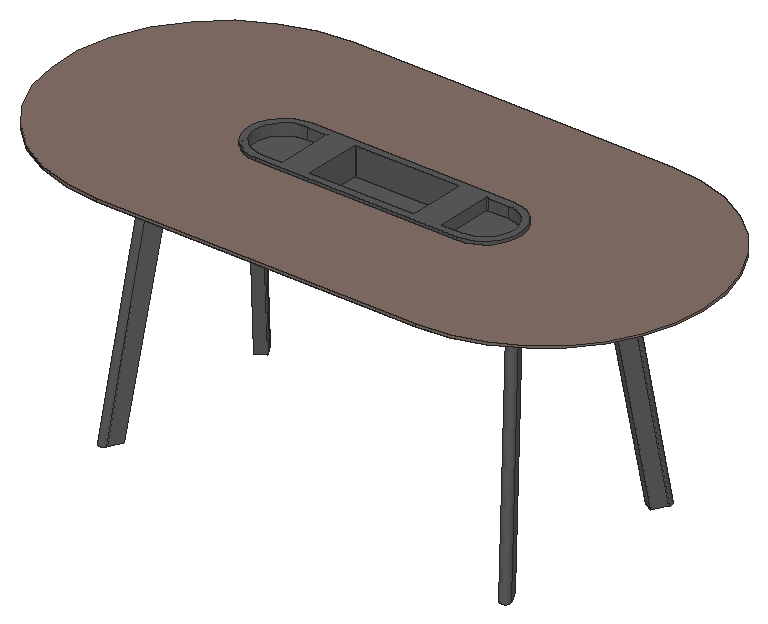
Revit family "Haworth_Immerse_SingleTable_Racetrack", category Furniture Systems, Revit 2018
Family settings
  Round Connector Dimension = Use Diameter
  Part Type = Normal
  OmniClass Number = 23.40.70.14.64.21
  OmniClass Title = Systems Furniture
  Work Plane-Based = No
  Always vertical = Yes
  Cut with Voids When Loaded = No
  Shared = No
  Room Calculation Point = No
Parameters (values of type "48d 96w 39h - Oblong Planter")
  Warranty = "http://www.haworth.com/resources/product-info/warranties"
  Upper Top Thickness = 1 3/16"  # constant formula
  Understucture Thickness = 3 1/2"  # constant formula
  Understructure Overall Width = 57"
  Understructure Finish [instance] = Haworth _ Paint _ Black
  URL - Product = "http://www.haworth.com/products/tables/collaborative/immerse"
  Top Finish [instance] = Haworth _ Wood _ Walnut
  Standard Widths = "96 in."  # constant formula
  Standard Heights = "29, 36, 39 in."  # constant formula
  Standard Depths = "48 in."  # constant formula
  Size = "Verify Final Dim. w/ Haworth"  # constant formula
  Planter Finish [instance] = Haworth _ Paint _ Black
  Oblong Planter Void Height = if(Oblong Planter, 30", 1")  # 30"
  Oblong Planter = yes
  Model = "THRT-4896"  # constant formula
  URL = "https://www.haworth.com/na/en.html"
  Revision Number = "1"  # constant formula
  Manufacturer = "Haworth"  # constant formula
  Lower Top Width = Actual Width - 2"  # 94"
  Lower Top Thickness = 1/8"  # constant formula
  Lower Top Cutout Width = Understructure Overall Width - 3"  # 54"
  Lower Top Cutout Depth = 12 1/2"  # constant formula
  Leg Finish [instance] = Haworth _ Wood _ Ink On Ash
  Description = "Haworth Immerse Single Table Racetrack - 48d 96w 39h - Oblong Planter"
  Author = "Haworth (Bentzen)"  # constant formula
  Assembly Code = "E2020200"
  Actual Width = 96"  # constant formula
  Actual Height = 39"
  Actual Depth = 48"  # constant formula
Types (6): name | Oblong Planter Void Height | Oblong Planter | Description | Actual Height
  48d 96w 39h - Oblong Planter | 30" | yes | "Haworth Immerse Single Table Racetrack - 48d 96w 39h - Oblong Planter" | 39"
  48d 96w 36h - Oblong Planter | 30" | yes | "Haworth Immerse Single Table Racetrack - 48d 96w 36h - Oblong Planter" | 36"
  48d 96w 29h - Oblong Planter | 30" | yes | "Haworth Immerse Single Table Racetrack - 48d 96w 29h - Oblong Planter" | 29"
  48d 96w 29h - No Planter | 1" | no | "Haworth Immerse Single Table Racetrack - 48d 96w 29h - No Planter" | 29"
  48d 96w 36h - No Planter | 1" | no | "Haworth Immerse Single Table Racetrack - 48d 96w 36h - No Planter" | 36"
  48d 96w 39h - No Planter | 1" | no | "Haworth Immerse Single Table Racetrack - 48d 96w 39h - No Planter" | 39"
Reference planes (in)
  plane 1 "Floor": z = 0
  plane 2: y = 30.09134
  plane 3: y = 14.25134
  plane 4: z = 12.69672
  plane 5: z = 42.69672
  plane 6: z = 39
  plane 7: z = 38.66709
  plane 8: z = 37.82
  plane 9: z = 35.07
  plane 10: x = -86.01928
  plane 11: x = 9.98072
  plane 12: x = -38.01928
  plane 13: x = -84.01928
  plane 14: x = 7.98072
  plane 15: y = 22.17134
  plane 16: y = 46.17134
  plane 17: y = -1.82866
  plane 18: y = 44.17134
  plane 19: y = 0.17134
  plane 20: x = -63.19126
  plane 21: x = -12.69118
  plane 22: x = -64.73122
  plane 23: x = -11.15122
  plane 24: y = 26.98134
  plane 25: y = 17.36134
  plane 26: y = 28.55138
  plane 27: y = 15.7913
  plane 28: through (-64.6981, 29.177, 48) normal (-0.5, 0.866, 0)
  plane 29: through (-64.6356, 15.27394, 48) normal (0.5, 0.866, 0)
  plane 30: through (-62.90355, 30.06874, 48) normal (-0.866, -0.5, 0)
  plane 31: through (-64.6356, 29.06874, 48) normal (-0.866, -0.5, 0)
  plane 32: through (-62.90355, 14.27394, 48) normal (0.866, -0.5, 0)
  plane 33: through (-64.6356, 15.27394, 48) normal (0.866, -0.5, 0)
  plane 34: through (-13.13501, 30.06874, 48) normal (-0.866, 0.5, 0)
  plane 35: through (-11.40296, 29.06874, 48) normal (-0.866, 0.5, 0)
  plane 36: through (-13.13501, 14.27394, 48) normal (0.866, 0.5, 0)
  plane 37: through (-11.40296, 15.27394, 48) normal (0.866, 0.5, 0)
  plane 38: through (-11.34046, 29.177, 48) normal (-0.5, -0.866, 0)
  plane 39: through (-11.40296, 15.27394, 48) normal (0.5, -0.866, 0)
Forms (in)
  Extrusion 1, solid, material "Haworth _ Paint _ Black" <- "Understructure Finish"
    sketch origin (-47.92254, 131.41995, 1.06449) x (0, 1, 0) y (0, 0, 1)
      loop
        line (-101.32861, 36.75551) -> (-102.86857, 36.75551) -> (-102.86857, 34.00551) -> (-101.32861, 34.00551) -> (-101.32861, 36.75551)
    from -15.26872 to 35.23135
  Extrusion 2, solid, material "Haworth _ Paint _ Black" <- "Understructure Finish"
    sketch origin (-47.92254, -93.73727, 1.06449) x (0, -1, 0) y (0, 0, -1)
      loop
        line (-107.98861, -36.75551) -> (-107.98861, -34.00551) -> (-109.52857, -34.00551) -> (-109.52857, -36.75551) -> (-107.98861, -36.75551)
    from -15.26872 to 35.23135
  Extrusion 3, void
    sketch origin (38.61594, 57.93122, 7) x (-1, 0, 0) y (0, -1, 0)
      loop
        arc (91.72789, 30.94987) -> (96.53789, 35.75987) -> (91.72789, 40.56987) r 4.81
        line (91.72789, 40.56987) -> (61.54789, 40.56987)
        arc (61.54789, 40.56987) -> (56.73789, 35.75987) -> (61.54789, 30.94987) r 4.81
        line (61.54789, 30.94987) -> (91.72789, 30.94987)
    from 5.69672 to 35.69672
  Extrusion 4, solid, material "Haworth _ Paint _ Black" <- "Understructure Finish"
    sketch origin (-37.14123, -120.2412, 11.98828) x (0, -1, 0) y (0, 0, -1)
      loop
        line (-134.49254, -25.83172) -> (-134.49254, -23.08172) -> (-150.33254, -23.08172) -> (-150.33254, -25.83172) -> (-134.49254, -25.83172)
    from 24.45004 to 25.99001
  Extrusion 5, solid, material "Haworth _ Paint _ Black" <- "Understructure Finish"
    sketch origin (-124.28941, -120.2412, 7.77448) x (0, -1, 0) y (0, 0, -1)
      loop
        line (-134.49254, -30.04552) -> (-134.49254, -27.29552) -> (-150.33254, -27.29552) -> (-150.33254, -30.04552) -> (-134.49254, -30.04552)
    from 59.55819 to 61.09815
  Extrusion 6, solid, material "Haworth _ Wood _ Walnut" <- "Top Finish"
    sketch origin (0, 0, 0) x (1, 0, 0) y (0, 1, 0)
      loop
        arc (-61.94123, 46.17134) -> (-85.94123, 22.17134) -> (-61.94123, -1.82866) r 24
        line (-61.94123, -1.82866) -> (-14.09733, -1.82866)
        arc (-14.09733, -1.82866) -> (9.90267, 22.17134) -> (-14.09733, 46.17134) r 24
        line (-14.09733, 46.17134) -> (-61.94123, 46.17134)
    from 38.66709 to 39
  Blend 7, solid, material "Haworth _ Wood _ Walnut" <- "Top Finish"
    base sketch origin (0, 0, 0) x (1, 0, 0) y (0, 1, 0)
      loop
        arc (-61.94123, 44.17134) -> (-83.94123, 22.17134) -> (-61.94123, 0.17134) r 22
        line (-61.94123, 0.17134) -> (-14.09733, 0.17134)
        arc (-14.09733, 0.17134) -> (7.90267, 22.17134) -> (-14.09733, 44.17134) r 22
        line (-14.09733, 44.17134) -> (-61.94123, 44.17134)
    top sketch origin (0, 0, 0) x (1, 0, 0) y (0, 1, 0)
      loop
        arc (-61.94123, 46.17134) -> (-85.94123, 22.17134) -> (-61.94123, -1.82866) r 24
        line (-61.94123, -1.82866) -> (-14.09733, -1.82866)
        arc (-14.09733, -1.82866) -> (9.90267, 22.17134) -> (-14.09733, 46.17134) r 24
        line (-14.09733, 46.17134) -> (-61.94123, 46.17134)
    from 37.82 to 38.66709
  Blend 8, solid, material "Haworth _ Wood _ Ink On Ash" <- "Leg Finish"
    base sketch origin (-325.18328, 186.38323, -10.01253) x (0.965926, -0.25882, 0) y (0.25882, 0.965926, 0)
      loop
        line (287.87751, -79.68079) -> (288.97352, -78.58477) -> (287.39125, -77.00249)
        arc (287.39125, -77.00249) -> (286.29523, -77.00249) -> (286.29523, -78.09851) r 0.775
        line (286.29523, -78.09851) -> (287.87751, -79.68079)
    top sketch origin (-325.18328, 186.38323, -10.01253) x (0.965926, -0.25882, 0) y (0.25882, 0.965926, 0)
      loop
        line (292.46248, -84.26576) -> (293.5585, -83.16975) -> (291.80475, -81.41599)
        arc (291.80475, -81.41599) -> (290.70873, -81.41599) -> (290.70873, -82.51201) r 0.775
        line (290.70873, -82.51201) -> (292.46248, -84.26576)
    from 10.01253 to 47.83253
  Blend 9, solid, material "Haworth _ Wood _ Ink On Ash" <- "Leg Finish"
    base sketch origin (-325.12078, -141.93229, -10.01253) x (0.965926, 0.25882, 0) y (-0.25882, 0.965926, 0)
      loop
        line (287.87751, 79.68079) -> (286.29523, 78.09851)
        arc (286.29523, 78.09851) -> (286.29523, 77.00249) -> (287.39125, 77.00249) r 0.775
        line (287.39125, 77.00249) -> (288.97352, 78.58477) -> (287.87751, 79.68079)
    top sketch origin (-325.12078, -141.93229, -10.01253) x (0.965926, 0.25882, 0) y (-0.25882, 0.965926, 0)
      loop
        line (292.46248, 84.26576) -> (290.70873, 82.51201)
        arc (290.70873, 82.51201) -> (290.70873, 81.41599) -> (291.80475, 81.41599) r 0.775
        line (291.80475, 81.41599) -> (293.5585, 83.16975) -> (292.46248, 84.26576)
    from 10.01253 to 47.83253
  Blend 10, solid, material "Haworth _ Wood _ Ink On Ash" <- "Leg Finish"
    base sketch origin (249.14472, 186.38323, -10.01253) x (-0.965926, -0.25882, 0) y (0.25882, -0.965926, 0)
      loop
        line (287.87751, 79.68079) -> (286.29523, 78.09851)
        arc (286.29523, 78.09851) -> (286.29523, 77.00249) -> (287.39125, 77.00249) r 0.775
        line (287.39125, 77.00249) -> (288.97352, 78.58477) -> (287.87751, 79.68079)
    top sketch origin (249.14472, 186.38323, -10.01253) x (-0.965926, -0.25882, 0) y (0.25882, -0.965926, 0)
      loop
        line (292.46248, 84.26576) -> (290.70873, 82.51201)
        arc (290.70873, 82.51201) -> (290.70873, 81.41599) -> (291.80475, 81.41599) r 0.775
        line (291.80475, 81.41599) -> (293.5585, 83.16975) -> (292.46248, 84.26576)
    from 10.01253 to 47.83253
  Blend 11, solid, material "Haworth _ Wood _ Ink On Ash" <- "Leg Finish"
    base sketch origin (249.08222, -141.93229, -10.01253) x (-0.965926, 0.25882, 0) y (-0.25882, -0.965926, 0)
      loop
        line (287.87751, -79.68079) -> (288.97352, -78.58477) -> (287.39125, -77.00249)
        arc (287.39125, -77.00249) -> (286.29523, -77.00249) -> (286.29523, -78.09851) r 0.775
        line (286.29523, -78.09851) -> (287.87751, -79.68079)
    top sketch origin (249.08222, -141.93229, -10.01253) x (-0.965926, 0.25882, 0) y (-0.25882, -0.965926, 0)
      loop
        line (292.46248, -84.26576) -> (293.5585, -83.16975) -> (291.80475, -81.41599)
        arc (291.80475, -81.41599) -> (290.70873, -81.41599) -> (290.70873, -82.51201) r 0.775
        line (290.70873, -82.51201) -> (292.46248, -84.26576)
    from 10.01253 to 47.83253
Cuts and joins
  Extrusion 3 cuts Extrusion 6
  Extrusion 3 cuts Blend 7
Lines and regions (in)
  Masking region 1
    outline origin (-2, 0, 0) x (1, 0, 0) y (0, 1, 0)
      loop
        arc (-59.94123, 46.17134) -> (-83.94123, 22.17134) -> (-59.94123, -1.82866) r 24
        line (-59.94123, -1.82866) -> (-12.09733, -1.82866)
        arc (-12.09733, -1.82866) -> (11.90267, 22.17134) -> (-12.09733, 46.17134) r 24
        line (-12.09733, 46.17134) -> (-59.94123, 46.17134)
  symbolic lines, style "Haworth Hidden", detail levels fine
    curve 1: line (-63.1666, 30.09134, 0) -> (-12.87196, 30.09134, 0)
    curve 2: line (-63.1666, 30.09134, 0) -> (-67.51445, 37.62206, 0)
    curve 3: line (-68.85679, 36.84706, 0) -> (-64.7318, 29.70235, 0)
    curve 4: line (-64.7318, 29.70235, 0) -> (-64.7318, 14.64033, 0)
    curve 5: arc (-68.85679, 36.84706, 0) -> (-68.57312, 37.90573, 0) -> (-67.51445, 37.62206, 0) r 0.775
    curve 6: line (-63.1666, 14.25134, 0) -> (-67.51445, 6.72062, 0)
    curve 7: line (-68.85679, 7.49562, 0) -> (-64.7318, 14.64033, 0)
    curve 8: arc (-68.85679, 7.49562, 0) -> (-68.57312, 6.43695, 0) -> (-67.51445, 6.72062, 0) r 0.775
    curve 9: line (-12.87196, 30.09134, 0) -> (-8.52411, 37.62206, 0)
    curve 10: line (-7.18177, 36.84706, 0) -> (-11.30676, 29.70235, 0)
    curve 11: arc (-7.18177, 36.84706, 0) -> (-7.46544, 37.90573, 0) -> (-8.52411, 37.62206, 0) r 0.775
    curve 12: line (-7.18177, 7.49562, 0) -> (-11.30676, 14.64033, 0)
    curve 13: arc (-7.18177, 7.49562, 0) -> (-7.46544, 6.43695, 0) -> (-8.52411, 6.72062, 0) r 0.775
    curve 14: line (-63.19126, 28.55138, 0) -> (-63.19126, 15.7913, 0)
    curve 15: line (-63.19126, 28.55138, 0) -> (-14.09733, 28.55138, 0)
    curve 16: line (-63.1666, 14.25134, 0) -> (-12.87196, 14.25134, 0)
    curve 17: line (-63.19126, 15.7913, 0) -> (-14.09733, 15.7913, 0)
    curve 18: line (-11.30676, 29.70235, 0) -> (-11.30676, 14.64033, 0)
    curve 19: line (-12.8473, 28.55138, 0) -> (-12.8473, 15.7913, 0)
    curve 20: line (-12.87196, 14.25134, 0) -> (-8.52411, 6.72062, 0)
Dimensions and locks (in)
  "Oblong Planter Void Height": plane 5 to plane 4
  equal spacing: plane 10, plane 12, plane 11
  "Actual Width": plane 10 to plane 11
  locked: plane 14 to plane 11 at 2
  locked: plane 10 to plane 13 at 2
  "Actual Depth": plane 16 to plane 17
  equal spacing: plane 16, plane 15, plane 17
  locked: plane 16 to plane 18 at 2
  locked: plane 19 to plane 17 at 2
  "Actual Height": plane 6 to plane 1 "Floor"
  plane 6 to plane 7 to plane 8 to plane 9 = 0.33291" locked, 0.84709" locked, 2 3/4" locked
  aligned and locked: Extrusion 2 to plane 9
  aligned and locked: plane 8 to Extrusion 1
  aligned and locked: Extrusion 1 to plane 9
  aligned and locked: plane 8 to Extrusion 2
  aligned and locked: Extrusion 3 to plane 5
  aligned and locked: Extrusion 3 to plane 4
  aligned and locked: Extrusion 4 to plane 9
  aligned and locked: plane 8 to Extrusion 4
  aligned and locked: nested 1 to plane 6
  aligned and locked: plane 8 to Extrusion 5
  aligned and locked: Extrusion 5 to plane 9
  aligned and locked: plane 12 to nested 1
  aligned and locked: plane 16 to Extrusion 6
  aligned and locked: plane 6 to Extrusion 6
  aligned and locked: Extrusion 6 to plane 7
  aligned and locked: plane 7 to Blend 7
  aligned and locked: Blend 7 to plane 8
  aligned and locked: plane 8 to Blend 8
  aligned and locked: Extrusion 1 to Extrusion 5
  aligned and locked: Extrusion 1 to Extrusion 2
  aligned and locked: plane 21 to Extrusion 1
  aligned and locked: plane 21 to Extrusion 2
  aligned and locked: Extrusion 4 to Extrusion 2
  aligned and locked: plane 22 to Extrusion 5
  aligned and locked: Extrusion 5 to plane 20
  aligned and locked: plane 23 to Extrusion 4
  aligned and locked: plane 2 to Extrusion 5
  aligned and locked: plane 3 to Extrusion 5
  aligned and locked: Extrusion 1 to plane 26
  aligned and locked: plane 2 to Extrusion 1
  aligned and locked: Extrusion 2 to plane 27
  aligned and locked: plane 3 to Extrusion 2
  aligned and locked: plane 2 to Extrusion 4
  aligned and locked: plane 3 to Extrusion 4
  aligned and locked: plane 24 to Extrusion 3
  aligned and locked: plane 25 to Extrusion 3
  aligned and locked: plane 15 to nested 1
  aligned and locked: plane 8 to nested 2
  aligned and locked: nested 2 to plane 30
  aligned and locked: nested 2 to plane 28
  aligned and locked: Blend 8 to plane 28
  aligned and locked: plane 29 to nested 3
  aligned and locked: Blend 9 to plane 29
  aligned and locked: nested 3 to plane 33
  aligned and locked: plane 34 to nested 4
  aligned and locked: plane 37 to nested 5
  aligned and locked: nested 5 to plane 39
  aligned and locked: Blend 11 to plane 39
  aligned and locked: Blend 10 to plane 38
  aligned and locked: nested 3 to plane 8
  aligned and locked: plane 8 to Blend 9
  aligned and locked: plane 8 to nested 5
  aligned and locked: nested 4 to plane 8
  aligned and locked: plane 8 to Blend 11
  aligned and locked: plane 8 to Blend 10
  aligned and locked: plane 16 to cut or joined group of Extrusion 3, Extrusion 6
  aligned and locked: cut or joined group of Extrusion 3, Extrusion 6 to plane 17
  aligned and locked: Blend 8 to plane 1 "Floor"
  aligned and locked: Blend 9 to plane 1 "Floor"
  aligned and locked: Blend 10 to plane 1 "Floor"
  aligned and locked: Blend 11 to plane 1 "Floor"
Automatic sketch dimensions
  Blend 7 sketch curve to plane 18 = 0"
  Blend 7 sketch curve to plane 19 = 0"
  curve 17 to plane 20 = 0"
  curve 2 to plane 2 = 0"
  plane 3 to curve 16 = 0"
  curve 19 to plane 26 = 0"
  plane 27 to curve 19 = 0"
  plane 27 to curve 17 = 0"
  curve 15 to plane 26 = 0"
  plane 22 to curve 4 = 0.00057"
  plane 22 to curve 2 = 2.78323"
  plane 22 to curve 6 = 2.78323"
  curve 5 to curve 5 = 0.67117"
  curve 8 to curve 6 = 0.67117"
  curve 7 to curve 8 = 0.67117"
  curve 3 to curve 5 = 0.67117"
  curve 2 to plane 20 = 0.02466"
  curve 16 to plane 20 = 0.02466"
  curve 1 to plane 21 = 0.18078"
  curve 16 to plane 21 = 0.18078"
  curve 10 to plane 23 = 0.15554"
  plane 23 to curve 9 = 2.62711"
  plane 23 to curve 20 = 2.62711"
  curve 13 to curve 13 = 0.67117"
  curve 11 to curve 11 = 0.67117"
  curve 13 to curve 12 = 0.67117"
  curve 11 to curve 10 = 0.67117"
  plane 3 to curve 7 = 6.75572"
  plane 3 to curve 12 = 6.75572"
  curve 8 to curve 7 = 0.3875"
  curve 13 to curve 12 = 0.3875"
  curve 4 to plane 3 = 0.38899"
  curve 12 to plane 3 = 0.38899"
  curve 3 to plane 2 = 0.38899"
  curve 10 to plane 2 = 0.38899"
  plane 2 to curve 3 = 6.75572"
  plane 2 to curve 10 = 6.75572"
  curve 3 to curve 5 = 0.3875"
  curve 11 to curve 11 = 0.3875"
  curve 19 to plane 21 = 0.15612"
  plane 8 to Extrusion 1 sketch curve = 0"
  Extrusion 1 sketch curve to plane 26 = 0"
  plane 2 to Extrusion 1 sketch curve = 0"
  Extrusion 1 sketch curve to plane 9 = 0"
  Extrusion 2 sketch curve to plane 8 = 0"
  Extrusion 2 sketch curve to plane 27 = 0"
  plane 3 to Extrusion 2 sketch curve = 0"
  Extrusion 2 sketch curve to plane 9 = 0"
  plane 25 to Extrusion 3 sketch curve = 0"
  Extrusion 3 sketch curve to plane 24 = 0"
  Extrusion 4 sketch curve to plane 2 = 0"
  Extrusion 4 sketch curve to plane 3 = 0"
  plane 8 to Extrusion 4 sketch curve = 0"
  Extrusion 4 sketch curve to plane 9 = 0"
  plane 2 to Extrusion 5 sketch curve = 0"
  plane 3 to Extrusion 5 sketch curve = 0"
  Extrusion 5 sketch curve to plane 8 = 0"
  Extrusion 5 sketch curve to plane 9 = 0"
  plane 16 to Extrusion 6 sketch curve = 0"
  Extrusion 6 sketch curve to plane 17 = 0"
  Blend 7 sketch curve to plane 16 = 0"
  Blend 7 sketch curve to plane 17 = 0"
  Blend 8 sketch curve to plane 31 = 0.23349"  (x2)
  plane 22 to Blend 8 sketch curve = 4.12557"
  Blend 8 sketch curve to Blend 8 sketch curve = 0.54801"  (x4)
  Blend 8 sketch curve to Blend 8 sketch curve = 1.58228"
  Blend 8 sketch curve to Blend 8 sketch curve = 1.09601"
  Blend 8 sketch curve to Blend 8 sketch curve = 0.48626"
  Blend 8 sketch curve to plane 28 = 0"  (x2)
  plane 22 to Blend 8 sketch curve = 1.00476"
  Blend 8 sketch curve to Blend 8 sketch curve = 1.09602"
  Masking region 1 sketch curve to plane 16 = 0"
  Masking region 1 sketch curve to plane 17 = 0"
  Blend 9 sketch curve to plane 33 = 0.23349"  (x2)
  plane 22 to Blend 9 sketch curve = 4.06307"
  Blend 9 sketch curve to Blend 9 sketch curve = 0.54801"  (x5)
  Blend 9 sketch curve to Blend 9 sketch curve = 1.58228"
  Blend 9 sketch curve to Blend 9 sketch curve = 1.09601"
  plane 29 to Blend 9 sketch curve = 0"  (x2)
  plane 22 to Blend 9 sketch curve = 0.94226"
  Blend 9 sketch curve to Blend 9 sketch curve = 1.09602"
  Blend 10 sketch curve to plane 35 = 0.23349"  (x2)
  plane 23 to Blend 10 sketch curve = 3.96945"
  Blend 10 sketch curve to Blend 10 sketch curve = 0.54801"  (x5)
  Blend 10 sketch curve to Blend 10 sketch curve = 1.58228"
  Blend 10 sketch curve to Blend 10 sketch curve = 1.09601"
  Blend 10 sketch curve to plane 38 = 0"  (x2)
  plane 23 to Blend 10 sketch curve = 0.84864"
  Blend 10 sketch curve to Blend 10 sketch curve = 1.09602"
  Blend 11 sketch curve to plane 37 = 0.23349"  (x2)
  plane 23 to Blend 11 sketch curve = 3.90695"
  Blend 11 sketch curve to Blend 11 sketch curve = 0.54801"  (x4)
  Blend 11 sketch curve to Blend 11 sketch curve = 1.58228"
  Blend 11 sketch curve to Blend 11 sketch curve = 1.09601"
  Blend 11 sketch curve to Blend 11 sketch curve = 0.48626"
  plane 39 to Blend 11 sketch curve = 0"  (x2)
  plane 23 to Blend 11 sketch curve = 0.78614"
  Blend 11 sketch curve to Blend 11 sketch curve = 1.09602"
  curve 15 to curve 19 = 1.25003"
  curve 17 to curve 19 = 1.25003"
  Extrusion 3 sketch curve to plane 21 = 10.24077"
  Extrusion 6 sketch curve to plane 21 = 1.40615"
  Blend 7 sketch curve to plane 21 = 1.40615"  (x2)
  Masking region 1 sketch curve to plane 21 = 1.40615"
  Extrusion 3 sketch curve to plane 20 = 10.07931"
  Extrusion 6 sketch curve to plane 20 = 1.25003"
  Blend 7 sketch curve to plane 20 = 1.25003"  (x2)
  Masking region 1 sketch curve to plane 20 = 1.25003"
Nested families (in)
  nested 1: "Haworth_Immerse_Planter_Oblong" at (2.48072, 33.33, 9.50002), Planter Finish <- "Planter Finish", visible <- "Oblong Planter", type "EHPO"
    with Planter Finish Haworth _ Paint _ Black
  nested 2: "Haworth_Immerse_Support_Part" at (-108.0981, 25.34802, 9.58359) x (-0.866, -0.5, 0) z (0, 0, 1), Understructure Finish <- "Understructure Finish", type "Support"
    with Understructure Finish Haworth _ Paint _ Black
  nested 3: "Haworth_Immerse_Support_Part" at (-108.0356, 19.10291, 9.58359) x (-0.866, 0.5, 0) z (0, 0, 1), Understructure Finish <- "Understructure Finish", type "Support"
    with Understructure Finish Haworth _ Paint _ Black
  nested 4: "Haworth_Immerse_Support_Part" at (32.05954, 25.34802, 9.58359) x (0.866, -0.5, 0) z (0, 0, 1), Understructure Finish <- "Understructure Finish", type "Support"
    with Understructure Finish Haworth _ Paint _ Black
  nested 5: "Haworth_Immerse_Support_Part" at (31.99704, 19.10291, 9.58359) x (0.866, 0.5, 0) z (0, 0, 1), Understructure Finish <- "Understructure Finish", type "Support"
    with Understructure Finish Haworth _ Paint _ Black
Definition of nested family "Haworth_Immerse_Planter_Oblong"
  Parameters
    Warranty = "http://www.haworth.com/product-info/warranties"
    URL - Product = "http://www.haworth.com/products/tables/collaborative/immerse"
    Planter Finish [instance] = none
    Model = "EHPO"
    URL = "http://www.haworth.com/"
    Revision Number = "1"  # constant formula
    Manufacturer = "Haworth"  # constant formula
    Description = "Haworth Immerse Planter Oblong"
    Author = "Haworth (Hampton)"  # constant formula
    Assembly Code = "E2020200"
  Reference planes (in)
    plane 1 "Floor": z = 0
    plane 2 "Center L/R": x = -40.5
    plane 3 "Center": y = -11.15866
    plane 4 "Surface Top": z = 29.49998
    plane 5 "Side Bottom": z = 27.99998
    plane 6: x = -60.875
    plane 7: x = -20.125
    plane 8: y = -5.88828
    plane 9: y = -16.42904
    plane 10 "Center Bottom": z = 25.548
    plane 11 "Planter Top": z = 30.24998
  Forms (in)
    Extrusion 1, solid, material <- "Planter Finish"
      sketch origin (0, 0, 35.87445) x (0, -1, 0) y (1, 0, 0)
        loop
          line (5.88828, -25.4095) -> (5.88828, -55.5905)
          arc (5.88828, -55.5905) -> (11.15866, -60.86088) -> (16.42904, -55.5905) r 5.27038
          line (16.42904, -55.5905) -> (16.42904, -25.4095)
          arc (16.42904, -25.4095) -> (11.15866, -20.13912) -> (5.88828, -25.4095) r 5.27038
      from -6.37446 to -5.93901
    Extrusion 2, solid, material <- "Planter Finish"
      sketch origin (0, 0, 35.87445) x (0, -1, 0) y (1, 0, 0)
        loop
          arc (15.3122, -29.08454) -> (15.75414, -28.90148) -> (15.9372, -28.45954) r 0.625
          line (15.9372, -28.45954) -> (15.9372, -25.41)
          arc (15.9372, -25.41) -> (11.15866, -20.63146) -> (6.38012, -25.41) r 4.77854
          line (6.38012, -25.41) -> (6.38012, -28.45954)
          arc (6.38012, -28.45954) -> (6.56318, -28.90148) -> (7.00512, -29.08454) r 0.625
          line (7.00512, -29.08454) -> (15.3122, -29.08454)
        loop
          line (15.3122, -51.91546) -> (7.00512, -51.91546)
          arc (7.00512, -51.91546) -> (6.56318, -52.09852) -> (6.38012, -52.54046) r 0.625
          line (6.38012, -52.54046) -> (6.38012, -55.59)
          arc (6.38012, -55.59) -> (11.15866, -60.36854) -> (15.9372, -55.59) r 4.77854
          line (15.9372, -55.59) -> (15.9372, -52.54046)
          arc (15.9372, -52.54046) -> (15.75414, -52.09852) -> (15.3122, -51.91546) r 0.625
      from -7.87446 to -6.37446
    Extrusion 3, solid, material <- "Planter Finish"
      sketch origin (0, 0, 35.87445) x (0, -1, 0) y (1, 0, 0)
        loop
          line (15.9372, -48.21154) -> (15.9372, -32.78846)
          arc (15.9372, -32.78846) -> (15.75414, -32.34652) -> (15.3122, -32.16346) r 0.625
          line (15.3122, -32.16346) -> (7.00512, -32.16346)
          arc (7.00512, -32.16346) -> (6.56318, -32.34652) -> (6.38012, -32.78846) r 0.625
          line (6.38012, -32.78846) -> (6.38012, -48.21154)
          arc (6.38012, -48.21154) -> (6.56318, -48.65348) -> (7.00512, -48.83654) r 0.625
          line (7.00512, -48.83654) -> (15.3122, -48.83654)
          arc (15.3122, -48.83654) -> (15.75414, -48.65348) -> (15.9372, -48.21154) r 0.625
      from -10.32645 to -6.37446
    Extrusion 4, void
      sketch origin (0, 0, 35.87445) x (0, -1, 0) y (1, 0, 0)
        loop
          arc (7.00512, -52.41546) -> (6.91673, -52.45207) -> (6.88012, -52.54046) r 0.125
          line (6.88012, -52.54046) -> (6.88012, -55.59)
          arc (6.88012, -55.59) -> (11.15866, -59.86854) -> (15.4372, -55.59) r 4.27854
          line (15.4372, -55.59) -> (15.4372, -52.54046)
          arc (15.4372, -52.54046) -> (15.40059, -52.45207) -> (15.3122, -52.41546) r 0.125
          line (15.3122, -52.41546) -> (7.00512, -52.41546)
        loop
          line (7.00512, -28.58454) -> (15.3122, -28.58454)
          arc (15.3122, -28.58454) -> (15.40059, -28.54793) -> (15.4372, -28.45954) r 0.125
          line (15.4372, -28.45954) -> (15.4372, -25.41)
          arc (15.4372, -25.41) -> (11.15866, -21.13146) -> (6.88012, -25.41) r 4.27854
          line (6.88012, -25.41) -> (6.88012, -28.45954)
          arc (6.88012, -28.45954) -> (6.91673, -28.54793) -> (7.00512, -28.58454) r 0.125
      from -7.67122 to -5.62446
    Extrusion 5, void
      sketch origin (0, 0, 35.87445) x (0, -1, 0) y (1, 0, 0)
        loop
          arc (15.4372, -32.78846) -> (15.40059, -32.70007) -> (15.3122, -32.66346) r 0.125
          line (15.3122, -32.66346) -> (7.00512, -32.66346)
          arc (7.00512, -32.66346) -> (6.91673, -32.70007) -> (6.88012, -32.78846) r 0.125
          line (6.88012, -32.78846) -> (6.88012, -48.21154)
          arc (6.88012, -48.21154) -> (6.91673, -48.29993) -> (7.00512, -48.33654) r 0.125
          line (7.00512, -48.33654) -> (15.3122, -48.33654)
          arc (15.3122, -48.33654) -> (15.40059, -48.29993) -> (15.4372, -48.21154) r 0.125
          line (15.4372, -48.21154) -> (15.4372, -32.78846)
      from -10.07019 to -5.62446
  Cuts and joins
    Extrusion 4, Extrusion 5 cuts Extrusion 1
    Extrusion 4 cuts Extrusion 2
    Extrusion 5 cuts Extrusion 3
    joined: Extrusion 1, Extrusion 2, Extrusion 3
  Lines and regions (in)
    Masking region 1
      outline origin (0, 0, 35.87445) x (0, -1, 0) y (1, 0, 0)
        loop
          arc (5.88828, -55.5905) -> (11.15866, -60.86088) -> (16.42904, -55.5905) r 5.27038
          line (16.42904, -55.5905) -> (16.42904, -25.4095)
          arc (16.42904, -25.4095) -> (11.15866, -20.13912) -> (5.88828, -25.4095) r 5.27038
          line (5.88828, -25.4095) -> (5.88828, -55.5905)
  Dimensions and locks (in)
    aligned and locked: plane 4 "Surface Top" to Extrusion 1
    aligned and locked: Extrusion 2 to plane 5 "Side Bottom"
    aligned and locked: Extrusion 2 to plane 4 "Surface Top"
    aligned and locked: plane 10 "Center Bottom" to Extrusion 3
    aligned and locked: Extrusion 3 to plane 4 "Surface Top"
    aligned and locked: Extrusion 4 to plane 11 "Planter Top"
Definition of nested family "Haworth_Immerse_Support_Part"
  Parameters
    Warranty = "http://www.haworth.com/product-info/warranties"
    Understructure Finish [instance] = none
    URL - Product = "http://www.haworth.com/products/tables/collaborative/immerse"
    Model = ""
    URL = "http://www.haworth.com/"
    Revision Number = "1"  # constant formula
    Manufacturer = "Haworth"  # constant formula
    Description = "Haworth_Immerse_Support_Part"
    Author = "Haworth (Hampton)"  # constant formula
    Assembly Code = "E2020200"
    Actual Width = 138"  # constant formula
    Actual Height = 36 1/4"  # constant formula
    Actual Depth = 60"  # constant formula
  Reference planes (in)
    plane 1 "Floor": z = 0
    plane 2 "Center L/R": x = -40.5
    plane 3 "Table Edge Front": y = -11.15866
    plane 4 "Rect Top": z = 29.49998
    plane 5 "Rect Mid": z = 29.12443
    plane 6 "Rect Bottom": z = 28.31193
    plane 7: x = -40.5
    plane 8: x = -41.5
    plane 9: x = -41.25
    plane 10: x = -39.5
    plane 11: x = -39.75
  Forms (in)
    Extrusion 1, solid, material <- "Understructure Finish"
      sketch origin (0, 0, 35.87445) x (0, -1, 0) y (1, 0, 0)
        loop
          line (-18.38399, -41.5) -> (-6.75474, -41.5)
          arc (-6.75474, -41.5) -> (-5.75474, -40.5) -> (-6.75474, -39.5) r 1
          line (-6.75474, -39.5) -> (-18.38399, -39.5) -> (-18.38399, -41.5)
      from -10.10998 to -7.63804
    Extrusion 2, void
      sketch origin (-37.39844, 0, 0) x (0, 0, 1) y (0, -1, 0)
        loop
          line (25.60768, -18.68942) -> (27.79043, -5.30688) -> (25.54043, -5.30688) -> (25.54043, -18.68942) -> (25.60768, -18.68942)
      from -6.31779 to 0.64844
    Extrusion 3, void
      sketch origin (0, 0, 35.87445) x (0, -1, 0) y (1, 0, 0)
        loop
          line (-18.13399, -39.75) -> (-18.13399, -41.25) -> (-6.75474, -41.25)
          arc (-6.75474, -41.25) -> (-6.00474, -40.5) -> (-6.75474, -39.75) r 0.75
          line (-6.75474, -39.75) -> (-18.13399, -39.75)
      from -11.52859 to -7.87446
  Cuts and joins
    Extrusion 2, Extrusion 3 cuts Extrusion 1
  Dimensions and locks (in)
    Extrusion 3 to plane 2 "Center L/R" = 3/4"
